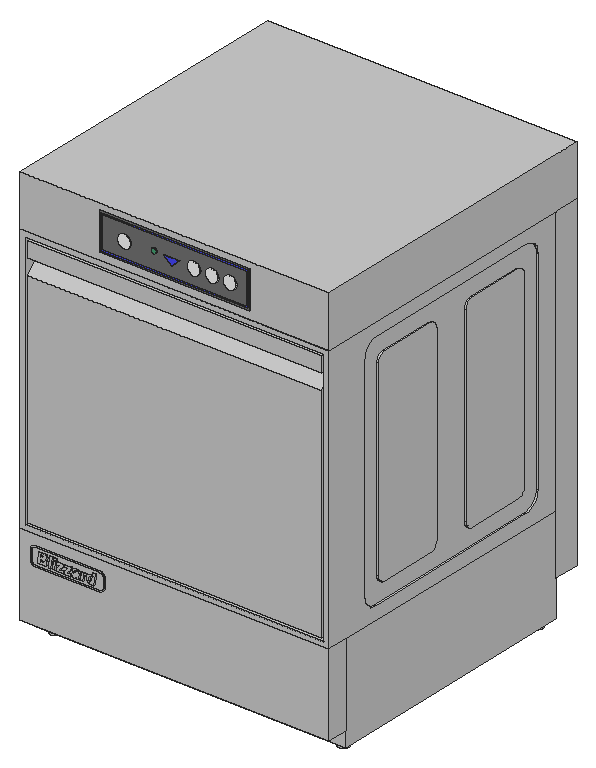
Revit family "QF_BLIZZARD_STORM50BT", category Specialty Equipment, Revit 2016
Family settings
  Part Type = Normal
  Round Connector Dimension = Use Diameter
  OmniClass Number = 23.40.40.14.31
  OmniClass Title = Cleaning and Disposal Equipment
  Work Plane-Based = No
  Always vertical = Yes
  Cut with Voids When Loaded = No
  Shared = No
  Room Calculation Point = No
Parameters (values of type "STORM50BT")
  URL = "www.blizzardequipment.com"
  Show Logo [instance] = yes
  Show Clearance [instance] = yes
  Model = "STORM50BT"
  Manufacturer = "BLIZZARD"
  Legs height [instance] = 170 mm
  Description = "STORM GLASSWASHER 500X500MM WITH BREAK TANK"
  Assembly Code = "E1090320"
Reference planes
  plane 1 "Back": y = 0
  plane 2: z = 0
  plane 3 "Left": x = 0
  plane 4 "Right": x = 600
  plane 5 "Front": y = -600
  plane 6 "Top": z = 820
Forms (mm)
  Extrusion 1, solid
    sketch origin (50, 687.394, 40) x (0, -1, 0) y (0, 0, 1)
      loop
        line (687.394, 680.013) -> (687.394, 42.551) -> (737.394, 42.551) -> (737.394, 680.013) -> (687.394, 680.013)
    from -550 to 50
  Extrusion 2, solid
    sketch origin (50, 577.394, 145) x (0, -1, 0) y (0, 0, 1)
      loop
        line (577.394, 675) -> (577.394, 575.013) -> (1177.394, 575.013) -> (1177.394, 675) -> (577.394, 675)
    from -550 to 50
  Extrusion 3, solid
    sketch origin (50, 577.394, -370) x (0, -1, 0) y (0, 0, 1)
      loop
        line (627.394, 570) -> (627.394, 381.179) -> (1137.394, 381.179) -> (1137.394, 570) -> (627.394, 570)
    from -550 to 50
  Extrusion 4, solid
    sketch origin (5.431, 66.549, -127.332) x (0, 1, 0) y (0, 0, 1)
      loop
        line (-193.549, 402.332) -> (-193.549, 772.345)
        arc (-193.549, 772.345) -> (-197.942, 782.952) -> (-208.549, 787.345) r 15
        line (-208.549, 787.345) -> (-318.549, 787.345)
        arc (-318.549, 787.345) -> (-329.155, 782.952) -> (-333.549, 772.345) r 15
        line (-333.549, 772.345) -> (-333.549, 402.332)
        arc (-333.549, 402.332) -> (-329.155, 391.725) -> (-318.549, 387.332) r 15
        line (-318.549, 387.332) -> (-208.549, 387.332)
        arc (-208.549, 387.332) -> (-197.942, 391.725) -> (-193.549, 402.332) r 15
      loop
        line (-406.549, 402.332) -> (-406.549, 772.345)
        arc (-406.549, 772.345) -> (-410.942, 782.952) -> (-421.549, 787.345) r 15
        line (-421.549, 787.345) -> (-531.549, 787.345)
        arc (-531.549, 787.345) -> (-542.155, 782.952) -> (-546.549, 772.345) r 15
        line (-546.549, 772.345) -> (-546.549, 402.332)
        arc (-546.549, 402.332) -> (-542.155, 391.725) -> (-531.549, 387.332) r 15
        line (-531.549, 387.332) -> (-421.549, 387.332)
        arc (-421.549, 387.332) -> (-410.942, 391.725) -> (-406.549, 402.332) r 15
    from -5.431 to -0.431
  Extrusion 5, solid
    sketch origin (594.569, 66.549, -130) x (0, 1, 0) y (0, 0, -1)
      loop
        arc (-193.549, -405) -> (-197.942, -394.393) -> (-208.549, -390) r 15
        line (-208.549, -390) -> (-318.549, -390)
        arc (-318.549, -390) -> (-329.155, -394.393) -> (-333.549, -405) r 15
        line (-333.549, -405) -> (-333.549, -775.013)
        arc (-333.549, -775.013) -> (-329.155, -785.62) -> (-318.549, -790.013) r 15
        line (-318.549, -790.013) -> (-208.549, -790.013)
        arc (-208.549, -790.013) -> (-197.942, -785.62) -> (-193.549, -775.013) r 15
        line (-193.549, -775.013) -> (-193.549, -405)
      loop
        arc (-406.549, -405) -> (-410.942, -394.393) -> (-421.549, -390) r 15
        line (-421.549, -390) -> (-531.549, -390)
        arc (-531.549, -390) -> (-542.155, -394.393) -> (-546.549, -405) r 15
        line (-546.549, -405) -> (-546.549, -775.013)
        arc (-546.549, -775.013) -> (-542.155, -785.62) -> (-531.549, -790.013) r 15
        line (-531.549, -790.013) -> (-421.549, -790.013)
        arc (-421.549, -790.013) -> (-410.942, -785.62) -> (-406.549, -775.013) r 15
        line (-406.549, -775.013) -> (-406.549, -405)
    from -5.431 to -0.431
  Extrusion 6, solid
    sketch origin (0, 0, -130) x (1, 0, 0) y (0, 0, 1)
      loop
        line (0, 850.013) -> (0, 330) -> (600, 330) -> (600, 850.013) -> (0, 850.013)
      loop
        line (10, 840.013) -> (10, 340) -> (590, 340) -> (590, 840.013) -> (10, 840.013)
    from 50 to 600
  Extrusion 7, solid
    sketch origin (0, 20, -135) x (0, 1, 0) y (0, 0, 1)
      loop
        line (-620, 810.013) -> (-610.417, 810.013) -> (-610.417, 828.455) -> (-590.417, 828.455) -> (-590.417, 809.243) -> (-620, 779.66) -> (-620, 350) -> (-580, 350) -> (-580, 840.013) -> (-620, 840.013) -> (-620, 810.013)
    from 15 to 585
  Extrusion 8, solid
    sketch origin (0, 20, 40) x (0, 1, 0) y (0, 0, 1)
      loop
        line (-580, 160) -> (-620, 160) -> (-620, 0) -> (-580, 0) -> (-580, 160)
    from 0 to 600
  Extrusion 9, solid
    sketch origin (0, -415, -130) x (0, 1, 0) y (0, 0, 1)
      loop
        line (-135, 840.013) -> (-145, 840.013) -> (-145, 340) -> (-135, 340) -> (-135, 840.013)
    from 10 to 590
  Extrusion 10, solid
    sketch origin (-99.268, -599.5, -21.974) x (-1, 0, 0) y (0, 0, 1)
      loop
        line (-545, 830) -> (-545, 757.559) -> (-253.536, 757.559) -> (-253.536, 830) -> (-545, 830)
    from -1 to 1
  Extrusion 11, solid, visible <- "Show Logo"
    sketch origin (-177.291, -599.5, -632.856) x (-1, 0, 0) y (0, 0, 1)
      loop
        line (-207.755, 812.856) -> (-331.271, 812.856)
        arc (-331.271, 812.856) -> (-338.67, 809.791) -> (-341.735, 802.392) r 10.464
        line (-341.735, 802.392) -> (-341.735, 787.392)
        arc (-341.735, 787.392) -> (-338.67, 779.993) -> (-331.271, 776.928) r 10.464
        line (-331.271, 776.928) -> (-207.755, 776.928)
        arc (-207.755, 776.928) -> (-200.356, 779.993) -> (-197.291, 787.392) r 10.464
        line (-197.291, 787.392) -> (-197.291, 802.392)
        arc (-197.291, 802.392) -> (-200.356, 809.791) -> (-207.755, 812.856) r 10.464
      loop
        line (-207.755, 810.856) -> (-331.271, 810.856)
        arc (-331.271, 810.856) -> (-337.256, 808.377) -> (-339.735, 802.392) r 8.464
        line (-339.735, 802.392) -> (-339.735, 787.392)
        arc (-339.735, 787.392) -> (-337.256, 781.407) -> (-331.271, 778.928) r 8.464
        line (-331.271, 778.928) -> (-207.755, 778.928)
        arc (-207.755, 778.928) -> (-201.77, 781.407) -> (-199.291, 787.392) r 8.464
        line (-199.291, 787.392) -> (-199.291, 802.392)
        arc (-199.291, 802.392) -> (-201.77, 808.377) -> (-207.755, 810.856) r 8.464
    from -1 to 1
  Extrusion 12, solid, visible <- "Show Logo"
    sketch origin (3.606, 21, -76.918) x (1, 0, 0) y (0, 0, 1)
      loop
        line (30.587, 228.481) -> (44.749, 228.857)
        arc (44.749, 228.857) -> (49.768, 233.478) -> (47.063, 239.741) r 5.894
        arc (47.063, 239.741) -> (48.729, 246.617) -> (42.285, 249.538) r 5.547
        line (42.285, 249.538) -> (33.172, 249.538) -> (30.587, 228.481)
      loop
        line (36.658, 232.978) -> (42.704, 232.978)
        arc (42.704, 232.978) -> (44.625, 234.898) -> (42.704, 236.819) r 1.921
        line (42.704, 236.819) -> (37.13, 236.819) -> (36.658, 232.978)
      loop
        line (37.256, 241.423) -> (42.802, 241.423)
        arc (42.802, 241.423) -> (44.723, 243.344) -> (42.802, 245.264) r 1.921
        line (42.802, 245.264) -> (37.728, 245.264) -> (37.256, 241.423)
      loop
        line (52.105, 228.421) -> (57.105, 228.421) -> (59.698, 249.538) -> (54.698, 249.538) -> (52.105, 228.421)
      loop
        line (60, 228.421) -> (65, 228.421) -> (66.892, 243.832) -> (61.892, 243.832) -> (60, 228.421)
      loop
        line (61.983, 244.575) -> (67.494, 244.575) -> (68.103, 249.538) -> (62.593, 249.538) -> (61.983, 244.575)
      loop
        line (68.784, 239.859) -> (74.946, 239.859) -> (67.947, 231.215) -> (67.947, 228.421) -> (81.379, 228.421) -> (81.379, 232.273) -> (75.019, 232.273) -> (82.004, 240.899) -> (82.004, 243.832) -> (69.272, 243.832) -> (68.784, 239.859)
      loop
        line (83.284, 239.859) -> (89.446, 239.859) -> (82.447, 231.215) -> (82.447, 228.421) -> (95.879, 228.421) -> (95.879, 232.273) -> (89.519, 232.273) -> (96.504, 240.899) -> (96.504, 243.832) -> (83.772, 243.832) -> (83.284, 239.859)
      loop
        arc (103.395, 238.896) -> (105.439, 241.195) -> (106.867, 238.469) r 1.87
        line (106.867, 238.469) -> (101.835, 237.44)
        arc (101.835, 237.44) -> (98.76, 230.604) -> (106.218, 229.849) r 4.62
        line (106.218, 229.849) -> (107.645, 228.421) -> (112.645, 228.421) -> (111.375, 230.622) -> (112.465, 239.505)
        arc (112.465, 239.505) -> (105.449, 244.583) -> (98.432, 239.505) r 7.387
        line (98.432, 239.505) -> (103.395, 238.896)
      loop
        line (114.231, 228.421) -> (119.218, 228.421) -> (120.249, 236.819)
        arc (120.249, 236.819) -> (122.276, 239.388) -> (125.515, 239.859) r 4.419
        line (125.515, 239.859) -> (126.961, 243.832) -> (123.41, 243.832) -> (121.123, 242.512) -> (121.123, 243.832) -> (116.123, 243.832) -> (114.231, 228.421)
      loop
        arc (137.816, 242.746) -> (125.76, 237.684) -> (136.057, 229.626) r 7.581
        line (136.057, 229.626) -> (136.057, 228.421) -> (141.057, 228.421) -> (143.65, 249.538) -> (138.65, 249.538) -> (137.816, 242.746)
      loop
        spline (133.323, 232.229) -> (134.09, 232.277) -> (134.838, 232.6) -> (135.517, 233.178) -> (136.081, 233.97) -> (136.492, 234.924) -> (136.72, 235.972) -> (136.752, 237.045) -> (136.584, 238.069) -> (136.229, 238.975) -> (135.709, 239.7) -> (135.062, 240.195) -> (134.33, 240.426)
        spline (134.33, 240.426) -> (133.564, 240.379) -> (132.816, 240.055) -> (132.136, 239.477) -> (131.572, 238.685) -> (131.162, 237.732) -> (130.933, 236.683) -> (130.901, 235.61) -> (131.069, 234.586) -> (131.425, 233.681) -> (131.944, 232.956) -> (132.592, 232.46) -> (133.323, 232.229)
    from 620 to 622
  Extrusion 13, solid, visible <- "Show Clearance", detail levels coarse
    sketch origin (0, -415, -170) x (0, 1, 0) y (0, 0, 1)
      loop
        line (-185, 385) -> (-185, 875.013)
        arc (-185, 875.013) -> (-531.492, 731.492) -> (-675.013, 385) r 490.013
        line (-675.013, 385) -> (-185, 385)
    from 15 to 585
  Extrusion 14, solid
    sketch origin (-17.519, 49.541, 0) x (1, 0, 0) y (0, 1, 0)
      loop
        circle (37.519, -589.541) r 5
    from 5.109 to 11.179
  Extrusion 15, solid
    sketch origin (-17.519, 49.541, 0) x (1, 0, 0) y (0, 1, 0)
      loop
        circle (37.519, -589.541) r 10
    from 0 to 5.109
  Extrusion 16, solid
    sketch origin (-17.519, -659.541, 0) x (1, 0, 0) y (0, 1, 0)
      loop
        circle (37.519, 589.541) r 5
    from 5.109 to 11.179
  Extrusion 17, solid
    sketch origin (-17.519, -659.541, 0) x (1, 0, 0) y (0, 1, 0)
      loop
        circle (37.519, 589.541) r 10
    from 0 to 5.109
  Extrusion 18, solid
    sketch origin (617.519, 49.541, 0) x (-1, 0, 0) y (0, -1, 0)
      loop
        circle (37.519, 589.541) r 5
    from 5.109 to 11.179
  Extrusion 19, solid
    sketch origin (617.519, 49.541, 0) x (-1, 0, 0) y (0, -1, 0)
      loop
        circle (37.519, 589.541) r 10
    from 0 to 5.109
  Extrusion 20, solid
    sketch origin (617.519, -659.541, 0) x (-1, 0, 0) y (0, -1, 0)
      loop
        circle (37.519, -589.541) r 5
    from 5.109 to 11.179
  Extrusion 21, solid
    sketch origin (617.519, -659.541, 0) x (-1, 0, 0) y (0, -1, 0)
      loop
        circle (37.519, -589.541) r 10
    from 0 to 5.109
  Extrusion 22, void
    sketch origin (8.942, 88.818, -170) x (0, 1, 0) y (0, 0, 1)
      loop
        line (-180.818, 425) -> (-180.818, 835.013)
        arc (-180.818, 835.013) -> (-189.605, 856.227) -> (-210.818, 865.013) r 30
        line (-210.818, 865.013) -> (-573.818, 865.013)
        arc (-573.818, 865.013) -> (-595.032, 856.227) -> (-603.818, 835.013) r 30
        line (-603.818, 835.013) -> (-603.818, 425)
        arc (-603.818, 425) -> (-595.032, 403.787) -> (-573.818, 395) r 30
        line (-573.818, 395) -> (-210.818, 395)
        arc (-210.818, 395) -> (-189.605, 403.787) -> (-180.818, 425) r 30
    from -13.942 to -3.942
  Extrusion 23, void
    sketch origin (591.058, 66.818, -170) x (0, 1, 0) y (0, 0, -1)
      loop
        arc (-158.818, -425) -> (-167.605, -403.787) -> (-188.818, -395) r 30
        line (-188.818, -395) -> (-551.818, -395)
        arc (-551.818, -395) -> (-573.032, -403.787) -> (-581.818, -425) r 30
        line (-581.818, -425) -> (-581.818, -835.013)
        arc (-581.818, -835.013) -> (-573.032, -856.227) -> (-551.818, -865.013) r 30
        line (-551.818, -865.013) -> (-188.818, -865.013)
        arc (-188.818, -865.013) -> (-167.605, -856.227) -> (-158.818, -835.013) r 30
        line (-158.818, -835.013) -> (-158.818, -425)
    from -13.942 to -3.942
  Extrusion 24, solid
    sketch origin (36.634, 21, 0) x (1, 0, 0) y (0, 0, 1)
      loop
        circle (166.253, 770.64) r 12.423
    from 620 to 622
  Extrusion 25, solid
    sketch origin (171.634, 21, 0) x (1, 0, 0) y (0, 0, 1)
      loop
        circle (166.253, 770.64) r 12.423
    from 620 to 622
  Extrusion 26, solid
    sketch origin (206.634, 21, 0) x (1, 0, 0) y (0, 0, 1)
      loop
        circle (166.253, 770.64) r 12.423
    from 620 to 622
  Extrusion 27, solid
    sketch origin (241.634, 21, 0) x (1, 0, 0) y (0, 0, 1)
      loop
        circle (166.253, 770.64) r 12.423
    from 620 to 622
  Extrusion 28, solid
    sketch origin (94.211, 21, 4.386) x (1, 0, 0) y (0, 0, 1)
      loop
        circle (166.253, 770.64) r 5
    from 620 to 622
  Extrusion 29, solid
    sketch origin (-99.268, -600, -26.974) x (-1, 0, 0) y (0, 0, 1)
      loop
        line (-540, 830) -> (-540, 767.559) -> (-258.536, 767.559) -> (-258.536, 830) -> (-540, 830)
      loop
        line (-542, 832) -> (-542, 765.559) -> (-256.536, 765.559) -> (-256.536, 832) -> (-542, 832)
    from -1 to 1
  Extrusion 30, solid
    sketch origin (-99.268, -600, -56.974) x (-1, 0, 0) y (0, 0, 1)
      loop
        line (-409.732, 832) -> (-394.732, 817) -> (-379.732, 832) -> (-409.732, 832)
    from -1 to 1
Cuts and joins
  Extrusion 23 cuts Extrusion 4
  Extrusion 22, Extrusion 23 cuts Extrusion 6
Lines and regions (mm)
  reference lines
    curve 1: line (0, -183.475, 1485) -> (0, -697.791, 1021.908)
  symbolic lines, style "200-EquipBorder-2D"
    curve 2: line (0, 0, 0) -> (600, 0, 0)
    curve 3: line (0, -600, 0) -> (0, 0, 0)
    curve 4: line (600, -600, 0) -> (0, -600, 0)
    curve 5: line (600, 0, 0) -> (600, -600, 0)
  symbolic lines, style "QF_Door-Drawer Clearances", visible <- "Show Clearance"
    curve 6: line (15, -600, 0) -> (15, -1090.013, 0)
    curve 7: line (15, -1090.013, 0) -> (585, -1090.013, 0)
    curve 8: line (585, -1090.013, 0) -> (585, -600, 0)
Dimensions and locks
  plane 3 "Left" to plane 4 "Right" = 600 mm
  plane 5 "Front" to plane 1 "Back" = 600 mm
  plane 1 "Back" to plane 5 "Front" = 600 mm
  plane 4 "Right" to plane 3 "Left" = 600 mm
  plane 6 "Top" to level = 820 mm  (x2)
  aligned and locked: level to plane 2
